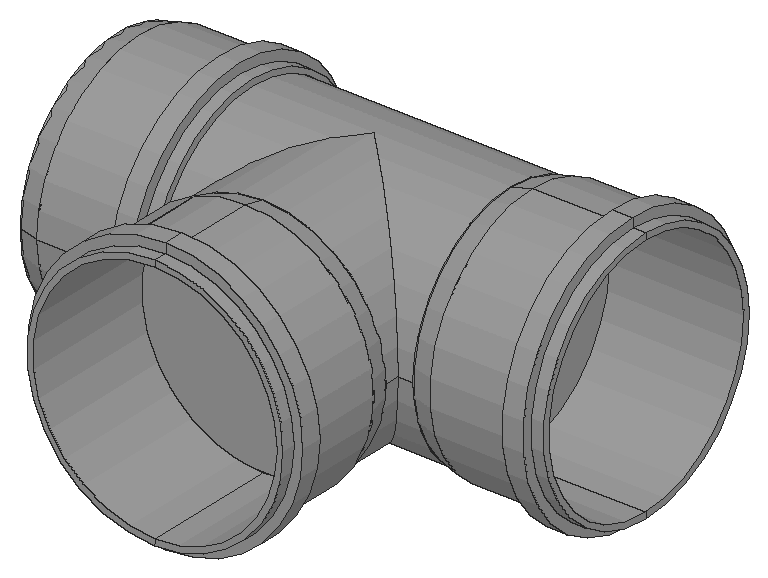
Revit family "КВВ_Чугун SML_Тройник косой", category Соединительные детали трубопроводов, Revit 2025
Family settings
  Размер круглого соединителя = Использовать радиус
  Тип детали = Тройник
  На основе рабочей плоскости = Нет
  Всегда вертикально = Да
  При загрузке вырезать с полостями = Нет
  Общий = Нет
Parameters (values of type "Тройник канализационный")
  Угол табличный [instance] = if(and(Угол > 42.00°, Угол < 48.00°), 45.00°, if(and(Угол > 64.00°, Угол < 70.00°), 67.00°, if(and(Угол > 87.00°, Угол < 92.00°), 90.00°, if(and(Угол > 132.00°, Угол < 138.00°), 45.00°, if(and(Угол > 110.00°, Угол < 116.00°), 67.00°, 0.00°)))))  # 90.00°
  Угол [instance] = 90.00°
  Раструб_Справа [instance] = or(and(Угол табличный = 90.00°, not(Развернуть тройник)), and(or(Угол табличный = 45.00°, Угол табличный = 67.00°), Угол < 90.00°))  # yes
  Раструб_Слева [instance] = or(and(Угол табличный = 90.00°, Развернуть тройник), and(or(Угол табличный = 45.00°, Угол табличный = 67.00°), Угол > 90.00°))  # no
  Раструб трубы_Справа [instance] = and(Раструб_Слева, Показать раструб трубы)  # no
  Раструб трубы_Слева [instance] = and(Раструб_Справа, Показать раструб трубы)  # yes
  Развернуть тройник [instance] = no
  Предупреждения = yes
  built-in parameter 1114238 [instance] = ADSK_Масса = 0  # (empty or 0)
  Показать раструб трубы [instance] = yes
  Default Elevation = 0 mm
  t [instance] = size_lookup(LT, "t", 60 mm, D1, D2, Угол табличный)  # 58 mm
  Zc3 [instance] = if(or(Угол табличный = 45.00°, Угол табличный = 67.00°), if(Угол > 90.00°, Z1 + t, Z3), if(Развернуть тройник, Z1 + t, Z3))  # 62 mm
  Zc1 [instance] = if(or(Угол табличный = 45.00°, Угол табличный = 67.00°), if(Угол > 90.00°, Z3, Z1 + t), if(Развернуть тройник, Z3, Z1 + t))  # 115 mm
  Z3 [instance] = size_lookup(LT, "Z3", 150 mm, D1, D2, Угол табличный)  # 62 mm
  Z2 [instance] = size_lookup(LT, "Z2", 150 mm, D1, D2, Угол табличный)  # 62 mm
  Z1 [instance] = size_lookup(LT, "Z1", 50 mm, D1, D2, Угол табличный)  # 57 mm
  Warning [instance] = and(Предупреждения, ADSK_Масса = 0)  # no
  R2 [instance] = 55 mm
  R1 [instance] = 55 mm
  LT = "ВК_Тройник"  # constant formula
  D_Warning [instance] = 2 * D1  # 220 mm
  D2 [instance] = 2 * R2  # 110 mm
  D1 [instance] = 2 * R1  # 110 mm
  ADSK_Наименование [instance] = "Тройник чугунный безраструбный SML 100х100, 45°"  # constant formula
  ADSK_Материал = Полипропилен серый
  ADSK_Масса_Текст = ""
  ADSK_Масса [instance] = size_lookup(LT, "M", 0, D1, D2, Угол табличный)  # 0.315
  ADSK_Марка = "DIN EN 877"  # constant formula
  ADSK_Количество = 1  # constant formula
  ADSK_Код изделия = ""
  ADSK_Завод-изготовитель = ""
  ADSK_Единица измерения = "шт."
  ADSK_Версия семейства = "1.0"  # constant formula
  ADSK_Версия Revit = "2021"  # constant formula
Reference planes
  plane 1 "По центру (Вперед/Назад)": y = 0
  plane 2: z = 0
  plane 3 "По центру (Влево/Вправо)": x = 0
  plane 4: x = -115
  plane 5: x = 62
Forms (mm)
  Sweep 1, solid, material "Полипропилен серый" <- "ADSK_Материал", detail levels fine
    path in 3D
      loop
        line (-115, 0, 0) -> (62, 0, 0)
    profile origin (-26.5, 0, 0) x (0, 1, 0) y (0, 0, 1)
      loop
        circle (0, 0) r 55
  Sweep 2, solid, material "Полипропилен серый" <- "ADSK_Материал", detail levels fine
    path in 3D
      loop
        line (0, 0, 0) -> (0, -62, 0)
    profile origin (0, -31, 0) x (1, 0, 0) y (0, 0, 1)
      loop
        circle (0, 0) r 55
Cuts and joins
  joined: Sweep 1, Sweep 2
Lines and regions (mm)
  model lines
    curve 1: line (0, 0, 0) -> (0, -62, 0)
    curve 2: line (-115, 0, 0) -> (62, 0, 0)
  sketch lines
    curve 3: line (-115, 0, 0) -> (62, 0, 0)
    curve 4: line (0, 0, 0) -> (0, -62, 0)
Dimensions and locks
  "Zc3": plane 3 "По центру (Влево/Вправо)" to plane 5
  "Zc1": plane 4 to plane 3 "По центру (Влево/Вправо)"
  "Z2": curve 1 to curve 1
  "D1": diameter of Sweep 1 sketch curve
  "D2": diameter of Sweep 2 sketch curve
  "Угол": angle curve 1 to plane 1 "По центру (Вперед/Назад)"
  aligned and locked: level to plane 2
  aligned and locked: plane 1 "По центру (Вперед/Назад)" to curve 1
  aligned and locked: plane 3 "По центру (Влево/Вправо)" to curve 1
  aligned and locked: plane 5 to curve 2
  aligned and locked: plane 4 to curve 2
  aligned and locked: plane 1 "По центру (Вперед/Назад)" to curve 2
  aligned and locked: nested 2 to plane 1 "По центру (Вперед/Назад)"
  aligned and locked: level to nested 2
  aligned and locked: level to nested 1
  aligned and locked: level to nested 3
  aligned and locked: plane 1 "По центру (Вперед/Назад)" to nested 3
  aligned and locked: level to nested 5
  aligned and locked: nested 4 to level
  aligned and locked: plane 1 "По центру (Вперед/Назад)" to nested 4
  aligned and locked: plane 1 "По центру (Вперед/Назад)" to nested 5
  aligned and locked: plane 3 "По центру (Влево/Вправо)" to nested 6
  aligned and locked: plane 1 "По центру (Вперед/Назад)" to nested 6
Automatic sketch dimensions
  Sweep 1 sketch curve to profile plane = 0 mm  (x2)
  profile plane to Sweep 2 sketch curve = 0 mm
  Sweep 2 sketch curve to profile plane = 0 mm
Nested families
  nested 1: "Раструб" at (0, -62, 0) x (0, 0, 1) z (0, -1, 0), D <- "D2", ADSK_Материал <- "ADSK_Материал", type "Раструб для внутренней канализации", detail levels fine
    with Видимость yes, u 36 mm, s1 1.6 mm, s 2.4 mm, f 9.1 mm, e 6 mm, a 9.703 mm, L 60.803 mm, D3s 123.8 mm, D3 120.6 mm, D2s 115.2 mm, D2 110.4 mm, D 110 mm, ADSK_Материал Полипропилен серый
  nested 2: "Раструб" at (62, 0, 0) x (0, 0, 1) z (1, 0, 0), D <- "D1", visible <- "Раструб_Справа", ADSK_Материал <- "ADSK_Материал", Видимость <- "Раструб_Справа", type "Раструб для внутренней канализации", detail levels fine
    with Видимость yes, u 36 mm, s1 1.6 mm, s 2.4 mm, f 9.1 mm, e 6 mm, a 9.703 mm, L 60.803 mm, D3s 123.8 mm, D3 120.6 mm, D2s 115.2 mm, D2 110.4 mm, D 110 mm, ADSK_Материал Полипропилен серый
  nested 3: "Раструб" at (-115, 0, 0) x (0, -1, 0) z (1, 0, 0), D <- "D1", visible <- "Раструб трубы_Слева", ADSK_Материал <- "ADSK_Материал", Видимость <- "Раструб трубы_Слева", type "Раструб для внутренней канализации", detail levels fine
    with Видимость yes, u 36 mm, s1 1.6 mm, s 2.4 mm, f 9.1 mm, e 6 mm, a 9.703 mm, L 60.803 mm, D3s 123.8 mm, D3 120.6 mm, D2s 115.2 mm, D2 110.4 mm, D 110 mm, ADSK_Материал Полипропилен серый
  nested 4: "Раструб" at (-115, 0, 0) x (0, -1, 0) z (-1, 0, 0), visible <- "Раструб_Слева", D <- "D1", ADSK_Материал <- "ADSK_Материал", Видимость <- "Раструб_Слева", type "Раструб для внутренней канализации", detail levels fine
    with Видимость no, u 36 mm, s1 1.6 mm, s 2.4 mm, f 9.1 mm, e 6 mm, a 9.703 mm, L 60.803 mm, D3s 123.8 mm, D3 120.6 mm, D2s 115.2 mm, D2 110.4 mm, D 110 mm, ADSK_Материал Полипропилен серый
  nested 5: "Раструб" at (62, 0, 0) x (0, 0, 1) z (-1, 0, 0), visible <- "Раструб трубы_Справа", D <- "D1", ADSK_Материал <- "ADSK_Материал", Видимость <- "Раструб трубы_Справа", type "Раструб для внутренней канализации", detail levels fine
    with Видимость no, u 36 mm, s1 1.6 mm, s 2.4 mm, f 9.1 mm, e 6 mm, a 9.703 mm, L 60.803 mm, D3s 123.8 mm, D3 120.6 mm, D2s 115.2 mm, D2 110.4 mm, D 110 mm, ADSK_Материал Полипропилен серый
  nested 6: "ADSK_Предупреждение" at (0, 0, 0), Диаметр сферы <- "D_Warning", Видимость <- "Warning", visible <- "Warning", type "ADSK_Предупреждение"
    with built-in parameter 1114238 (empty or 0), Диаметр сферы 220 mm, Видимость no, D 1 mm
Connectors
  piping at (-115, 0, 0), diameter 110, driven by "R1"
    settings: on Sweep 1, index 1, connector inside diameter 609.6 mm, connector length 0 mm, flow factor 0, pipe flow 0.0 L/s, pressure drop 0.0 Pa, fitting loss kfactor 0, connector angle 0.00°, fixture units 0, engagement length 0 mm, angle of deflection 0.00°, flow configuration 0, flow direction 0, fitting loss method 0, system type 28, joint type 0, gender type 0, connector reference index 2, connector utility 0, adjustable connector no, is connector primary yes, connector description ""
  piping at (62, 0, 0), diameter 110, driven by "R1"
    settings: on Sweep 1, index 2, connector inside diameter 609.6 mm, connector length 0 mm, flow factor 0, pipe flow 0.0 L/s, pressure drop 0.0 Pa, fitting loss kfactor 0, connector angle 0.00°, fixture units 0, engagement length 0 mm, angle of deflection 0.00°, flow configuration 0, flow direction 0, fitting loss method 0, system type 28, joint type 0, gender type 0, connector reference index 1, connector utility 0, adjustable connector no, is connector primary no, connector description ""
  piping at (0, -62, 0), diameter 110, driven by "Угол", driven by "R2"
    settings: on Sweep 2, index 3, connector inside diameter 609.6 mm, connector length 0 mm, flow factor 0, pipe flow 0.0 L/s, pressure drop 0.0 Pa, fitting loss kfactor 0, connector angle 90.00°, fixture units 0, engagement length 0 mm, angle of deflection 0.00°, flow configuration 0, flow direction 0, fitting loss method 0, system type 28, joint type 0, gender type 0, connector reference index -1, connector utility 0, adjustable connector no, is connector primary no, connector description ""
Definition of nested family "Раструб"
  Parameters (values of type "Раструб для внутренней канализации")
    Default Elevation = 0 mm
    Видимость [instance] = yes
    u [instance] = size_lookup(LT, "u", 31 mm, D)  # 36 mm
    s1 [instance] = size_lookup(LT, "s1", 1.5 mm, D)  # 1.6 mm
    s [instance] = size_lookup(LT, "s", 2.5 mm, D)  # 2.4 mm
    f [instance] = size_lookup(LT, "f", 8 mm, D)  # 9.1 mm
    e [instance] = size_lookup(LT, "e", 5 mm, D)  # 6 mm
    a [instance] = 0.5 * (D2s - D) / tan(15.00°)  # 9.703 mm
    LT = "ВК_Раструб"  # constant formula
    L [instance] = u + e + f + a  # 60.803 mm
    D3s [instance] = D3 + 2 * s1  # 123.8 mm
    D3 [instance] = size_lookup(LT, "D3", D + 10 mm, D)  # 120.6 mm
    D2s [instance] = D2 + 2 * s  # 115.2 mm
    D2 [instance] = size_lookup(LT, "D2", D + 0.5 mm, D)  # 110.4 mm
    D [instance] = 110 mm
    ADSK_Материал [instance] = none
  Reference planes
    plane 1 "По центру (Вперед/Назад)": y = 0
    plane 2: z = 0
    plane 3 "По центру (Влево/Вправо)": x = 0
    plane 4: z = 9.703
    plane 5: z = 45.703
    plane 6: z = 54.803
    plane 7: z = 60.803
    plane 8: x = -55
    plane 9: x = -57.6
    plane 10: x = -61.9
    plane 11: x = 55
    plane 12: x = 57.6
    plane 13: x = 61.9
    plane 14: x = 113.829
  Forms (mm)
    Revolve 1, solid, material <- "ADSK_Материал", visible <- "Видимость"
      sketch origin (0, 0, 0) x (1, 0, 0) y (0, 0, 1)
        loop
          line (-55, 60.803) -> (-57.6, 60.803) -> (-57.6, 54.803) -> (-61.9, 54.803) -> (-61.9, 45.703) -> (-57.6, 45.703) -> (-57.6, 9.703) -> (-55, 0) -> (-55, 60.803)
        axis (0, 0) -> (0, 60.803)
      angle from 0 to 360
  Dimensions and locks
    equal spacing: plane 11, plane 3 "По центру (Влево/Вправо)", plane 8
    "D": plane 11 to plane 8
    equal spacing: plane 12, plane 3 "По центру (Влево/Вправо)", plane 9
    "D2s": plane 12 to plane 9
    equal spacing: plane 13, plane 3 "По центру (Влево/Вправо)", plane 10
    "D3s": plane 13 to plane 10
    "e": plane 7 to plane 6
    "f": plane 6 to plane 5
    "u": plane 5 to plane 4
    "a": plane 4 to level
    locked: plane 9 to Revolve 1 sketch curve (angle 15.00°)
    aligned and locked: level to plane 2
    aligned and locked: plane 7 to Revolve 1 sketch curve
    aligned and locked: Revolve 1 sketch curve to plane 8
    aligned and locked: Revolve 1 sketch curve to plane 9  (x2)
    aligned and locked: plane 6 to Revolve 1 sketch curve
    aligned and locked: Revolve 1 sketch curve to plane 5
    aligned and locked: Revolve 1 sketch curve to plane 10
    aligned and locked: plane 4 to Revolve 1 sketch curve
    aligned and locked: plane 9 to Revolve 1 sketch curve
    aligned and locked: plane 3 "По центру (Влево/Вправо)" to Revolve 1 sketch curve
  Automatic sketch dimensions
    Revolve 1 sketch curve to level = 0 mm
    level to Revolve 1 sketch curve = 10 mm
Definition of nested family "ADSK_Предупреждение"
  Parameters (values of type "ADSK_Предупреждение")
    built-in parameter 1114238 [instance] = (empty or 0)
    Default Elevation = 0 mm
    Диаметр сферы [instance] = 100 mm
    Видимость [instance] = yes
    D [instance] = if(Видимость, Диаметр сферы, 1 mm)  # 100 mm
  Reference planes
    plane 1 "По центру (Вперед/Назад)": y = 0
    plane 2: z = 0
    plane 3 "По центру (Влево/Вправо)": x = 0
  Forms (mm)
    Revolve 1, solid, visible <- "Видимость"
      sketch origin (0, 0, 0) x (1, 0, 0) y (0, 1, 0)
        loop
          arc (-50, 0) -> (0, -50) -> (50, 0) r 50
          line (50, 0) -> (-50, 0)
        axis (-50, 0) -> (50, 0)
      angle from 0 to 360
  Dimensions and locks
    "D": diameter of Revolve 1 sketch curve
    aligned and locked: level to plane 2
    aligned and locked: plane 1 "По центру (Вперед/Назад)" to Revolve 1 sketch curve  (x2)
    aligned and locked: plane 3 "По центру (Влево/Вправо)" to Revolve 1 sketch curve
  Automatic sketch dimensions
    plane 1 "По центру (Вперед/Назад)" to Revolve 1 sketch curve = 0 mm
    Revolve 1 sketch curve to plane 3 "По центру (Влево/Вправо)" = 0 mm
    Revolve 1 sketch curve to Revolve 1 sketch curve = 0.5 mm
